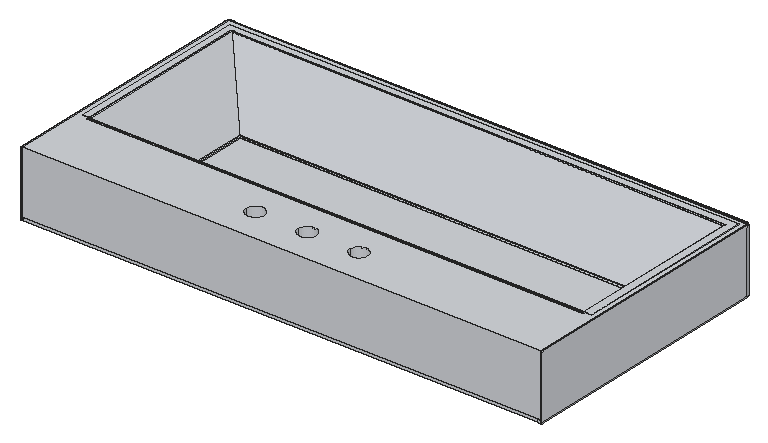
Revit family
Parameters (values of type "1000 x 500mm")
  Material = none
  Manufacturer = "Revit"
  Assembly Code = "D2010440"
Reference planes
  plane 1: y = 0
  plane 2 "Center (Left/Right)": x = 125
  plane 3 "Back": y = 75
Text (mm)
  text "Placement side" at (-1787.139, 592.35, 0), in view "Ref. Level"
  text "Placement side" at (0, 1827.695, 2917.686), in view "Left"
  text "Placement side" at (0, 562.268, 3853.606), in view "Right"
Dimensions and locks
  locked: plane 3 "Back" to host wall at 0
  aligned and locked: host wall to plane 1
  aligned and locked: plane 3 "Back" to nested 1
Nested families
  nested 1: "Sink_3" at (125, 75, 750), type "1000 x 500mm"
Definition of nested family "Sink_3"
  Parameters (values of type "1000 x 500mm")
    Material = none
    Manufacturer = "Revit"
    Assembly Code = "D2010440"
  Reference planes
    plane 1 "Center (Front/Back)": y = 0
    plane 2: z = 0
    plane 3 "Center (Left/Right)": x = 0
    plane 4: x = -134.49
    plane 5: x = -249.489
    plane 6: x = -224.489
  Forms (mm)
    Sweep 1, solid
      path origin (-125, -75, 0) x (1, 0, 0) y (0, 1, 0)
        loop
          line (-348.531, 210) -> (-348.531, 550) -> (601.469, 550) -> (601.469, 210)
      profile origin (0, 305, 0) x (-1, 0, 0) y (0, 0, 1)
        loop
          line (488.392, 115) -> (488.392, 120) -> (474.501, 120)
          arc (474.501, 120) -> (473.531, 119.749) -> (472.805, 119.06) r 2
          line (472.805, 119.06) -> (398.98, 0.94)
          arc (398.98, 0.94) -> (398.253, 0.251) -> (397.284, 0) r 2
          line (397.284, 0) -> (393.039, 0) -> (393.039, -5.042) -> (401.137, -5.042) -> (476.163, 115) -> (488.392, 115)
    Sweep 2, solid
      path origin (-125, -75, 0) x (1, 0, 0) y (0, 1, 0)
        loop
          line (-351.163, 205) -> (604.101, 205)
      profile origin (1.469, 0, 0) x (0, 1, 0) y (0, 0, 1)
        loop
          line (149.827, 1.749) -> (135.102, 118.251)
          arc (135.102, 118.251) -> (134.441, 119.5) -> (133.118, 120) r 2
          line (133.118, 120) -> (129.881, 120) -> (145.686, -5.042) -> (155.686, -5.042) -> (155.686, 0) -> (151.811, 0)
          arc (151.811, 0) -> (150.489, 0.5) -> (149.827, 1.749) r 2
    Extrusion 3, solid
      sketch origin (-125, -75, 0) x (1, 0, 0) y (0, 1, 0)
        loop
          arc (-370.531, 573) -> (-372.653, 572.121) -> (-373.531, 570) r 3
          line (-373.531, 570) -> (-373.531, 75) -> (626.469, 75) -> (626.469, 570)
          arc (626.469, 570) -> (625.59, 572.121) -> (623.469, 573) r 3
          line (623.469, 573) -> (-370.531, 573)
        loop
          circle (25.511, 139.361) r 17.5
        loop
          circle (125.511, 139.361) r 17.5
        loop
          circle (225.511, 139.361) r 17.5
        loop
          line (604.101, 550) -> (-351.163, 550) -> (-351.163, 205) -> (604.101, 205) -> (604.101, 550)
      from 0 to 120
    Sweep 4, solid
      path origin (-125, -75, 0) x (1, 0, 0) y (0, 1, 0)
        loop
          line (-373.531, 75) -> (-373.531, 570)
          arc (-373.531, 570) -> (-372.067, 573.536) -> (-368.531, 575) r 5
          line (-368.531, 575) -> (621.469, 575)
          arc (621.469, 575) -> (625.004, 573.536) -> (626.469, 570) r 5
          line (626.469, 570) -> (626.469, 75)
      profile origin (0, 247.5, 0) x (-1, 0, 0) y (0, 0, 1)
        loop
          line (498.531, 120) -> (498.531, -5) -> (499.531, -5)
          arc (499.531, -5) -> (500.238, -4.707) -> (500.531, -4) r 1
          line (500.531, -4) -> (500.531, 119)
          arc (500.531, 119) -> (500.238, 119.707) -> (499.531, 120) r 1
          line (499.531, 120) -> (498.531, 120)
    Extrusion 5, solid
      sketch origin (-125, -75, 0) x (1, 0, 0) y (0, 1, 0)
        loop
          arc (-373.531, 80) -> (-372.067, 76.464) -> (-368.531, 75) r 5
          line (-368.531, 75) -> (621.469, 75)
          arc (621.469, 75) -> (625.004, 76.464) -> (626.469, 80) r 5
          line (626.469, 80) -> (626.469, 570)
          arc (626.469, 570) -> (625.004, 573.536) -> (621.469, 575) r 5
          line (621.469, 575) -> (-368.531, 575)
          arc (-368.531, 575) -> (-372.067, 573.536) -> (-373.531, 570) r 5
          line (-373.531, 570) -> (-373.531, 80)
        loop
          circle (125.51, 275) r 23
      from -5.042 to 0
  Lines and regions (mm)
    symbolic lines
      curve 1: line (-495, 500, 0) -> (495, 500, 0)
      curve 2: arc (495, 500, 0) -> (498.536, 498.536, 0) -> (500, 495, 0) r 5
      curve 3: line (500, 495, 0) -> (500, 5, 0)
      curve 4: arc (500, 5, 0) -> (498.536, 1.464, 0) -> (495, 0, 0) r 5
      curve 5: line (495, 0, 0) -> (-495, 0, 0)
      curve 6: arc (-495, 0, 0) -> (-498.536, 1.464, 0) -> (-500, 5, 0) r 5
      curve 7: line (-500, 5, 0) -> (-500, 495, 0)
      curve 8: arc (-500, 495, 0) -> (-498.536, 498.536, 0) -> (-495, 500, 0) r 5
      curve 9: line (-470, 475, 0) -> (470, 475, 0)
      curve 10: arc (470, 475, 0) -> (473.536, 473.536, 0) -> (475, 470, 0) r 5
      curve 11: line (475, 470, 0) -> (475, 135, 0)
      curve 12: arc (475, 135, 0) -> (473.536, 131.464, 0) -> (470, 130, 0) r 5
      curve 13: line (470, 130, 0) -> (-470, 130, 0)
      curve 14: arc (-470, 130, 0) -> (-473.536, 131.464, 0) -> (-475, 135, 0) r 5
      curve 15: line (-475, 135, 0) -> (-475, 470, 0)
      curve 16: arc (-475, 470, 0) -> (-473.536, 473.536, 0) -> (-470, 475, 0) r 5
      curve 17: line (-470, 470, 0) -> (-388.13, 388.13, 0)
      curve 18: line (-470, 135, 0) -> (-389.982, 151.032, 0)
      curve 19: line (470, 135, 0) -> (390.329, 150.477, 0)
      curve 20: line (470, 470, 0) -> (387.696, 387.696, 0)
      curve 21: line (-380, 385, 0) -> (380, 385, 0)
      curve 22: arc (380, 385, 0) -> (383.536, 383.536, 0) -> (385, 380, 0) r 5
      curve 23: line (385, 380, 0) -> (385, 155.048, 0)
      curve 24: arc (385, 155.048, 0) -> (383.536, 151.513, 0) -> (380, 150.048, 0) r 5
      curve 25: line (380, 150.048, 0) -> (-380, 150.048, 0)
      curve 26: arc (-380, 150.048, 0) -> (-383.536, 151.513, 0) -> (-385, 155.048, 0) r 5
      curve 27: line (-385, 155.048, 0) -> (-385, 380, 0)
      curve 28: arc (-385, 380, 0) -> (-383.536, 383.536, 0) -> (-380, 385, 0) r 5
      curve 29: arc (-37.5, 200, 0) -> (0, 237.5, 0) -> (37.5, 200, 0) r 37.5
      curve 30: arc (37.5, 200, 0) -> (0, 162.5, 0) -> (-37.5, 200, 0) r 37.5
      curve 31: arc (-23, 200, 0) -> (0, 223, 0) -> (23, 200, 0) r 23
      curve 32: arc (23, 200, 0) -> (0, 177, 0) -> (-23, 200, 0) r 23
      curve 33: arc (-17.5, 64.361, 0) -> (0, 81.861, 0) -> (17.5, 64.361, 0) r 17.5
      curve 34: arc (17.5, 64.361, 0) -> (0, 46.861, 0) -> (-17.5, 64.361, 0) r 17.5
      curve 35: arc (82.5, 64.361, 0) -> (100, 81.861, 0) -> (117.5, 64.361, 0) r 17.5
      curve 36: arc (117.5, 64.361, 0) -> (100, 46.861, 0) -> (82.5, 64.361, 0) r 17.5
      curve 37: arc (-117.5, 64.361, 0) -> (-100, 81.861, 0) -> (-82.5, 64.361, 0) r 17.5
      curve 38: arc (-82.5, 64.361, 0) -> (-100, 46.861, 0) -> (-117.5, 64.361, 0) r 17.5
      curve 39: spline (-12.5, 136.838, 0) -> (-12.074, 137.573, 0) -> (-10.825, 138.258, 0) -> (-8.839, 138.846, 0) -> (-6.25, 139.297, 0) -> (-3.235, 139.581, 0) -> (0, 139.678, 0) -> (3.235, 139.581, 0) -> (6.25, 139.297, 0) -> (8.839, 138.846, 0) -> (10.825, 138.258, 0) -> (12.074, 137.573, 0) -> (12.5, 136.838, 0)
      curve 40: spline (-12.5, 136.838, 0) -> (-12.074, 136.102, 0) -> (-10.825, 135.418, 0) -> (-8.839, 134.829, 0) -> (-6.25, 134.378, 0) -> (-3.235, 134.094, 0) -> (0, 133.998, 0) -> (3.235, 134.094, 0) -> (6.25, 134.378, 0) -> (8.839, 134.829, 0) -> (10.825, 135.418, 0) -> (12.074, 136.102, 0) -> (12.5, 136.838, 0)
